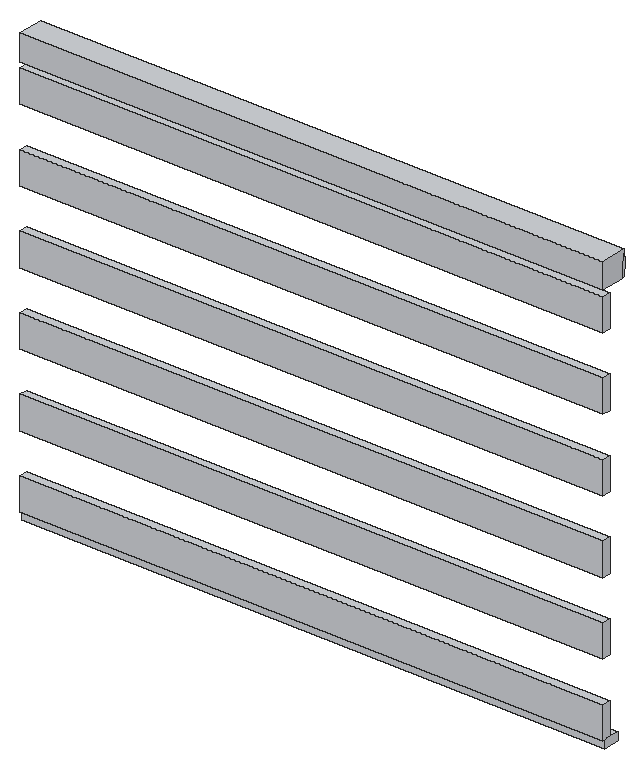
Revit family "Covrit Panel", category Curtain Panels, Revit 2017
Family settings
  OmniClass Number = 23.25.20.14.11.11.17
  OmniClass Title = Infill Panels
  Always vertical = Yes
  Cut with Voids When Loaded = No
  Shared = No
Parameters (values of type "4" Slat Wall")
  With Brick = no
  Width [instance] = 15' - 4"
  Version = "191001"  # constant formula
  URL = "www.cityscapesinc.com"
  Type Comments = "Enclosure Panels with Top & Bottom Rails"
  Top Rail Thickness = Panel Thickness  # 0' - 2 5/8"
  Top Rail Height = 0' - 2"
  Thickness = 0' - 2 5/8"
  Slats = or([6" Slat Wall], [4" Slat Wall])  # yes
  Slat Spacing = 0' - 3"
  Slat Size = if([4" Slat Wall], 0' 4", 0' 6")  # 0' - 4"
  6" Slat Wall = no
  Slat Panel Qty [instance] = (Panel Height - 0' 6 1/4") / (Slat Size + Slat Spacing)  # 6
  Roman Ogee Rail = not(or(Plankwall Rail, Boxed Top Rail))  # no
  Rail Finish = none
  Plankwall PVC Thickness = 0' - 1"  # constant formula
  Plankwall PVC Max Width = 6' - 6"  # constant formula
  Plankwall PVC Max Height = 12' - 0"  # constant formula
  Plankwall PVC = no
  Plankwall Rail = Plankwall PVC  # no
  Panel Width [instance] = if(Width > Max Width, Max Width, Width)  # 6' - 0"
  Panel Thickness = Thickness  # 0' - 2 5/8"
  Panel Size Limit [instance] = "60sf Limit on Each Panel"  # constant formula
  Panel Information [instance] = "Contact CityScapes for Custom Sizes"  # constant formula
  Panel Finish = none
  Panel Height [instance] = if(((Height - (Ground Offset + Bottom Rail Height + Top Rail Height)) * Panel Width) > 60.00 SF, (60.00 SF / Panel Width), (Height - (Ground Offset + Bottom Rail Height + Top Rail Height)))  # 4' - 3"
  NonMetal Series = not(or(Metal Series, [6" Slat Wall], [4" Slat Wall]))  # no
  Model = "covRit - Screening Systems"
  Metal Series Thickness = 0' - 2 5/8"  # constant formula
  Metal Series Max Width = 6' - 0"  # constant formula
  Metal Series Max Height = 14' - 0"  # constant formula
  Metal Series = not(or([4" Slat Wall], [6" Slat Wall], With Brick, Plankwall PVC, IPE, Acrylicap ABS))  # no
  Max Width = 6' - 0"
  Max Height = 14' - 0"
  Manufacturer = "CityScapes, Inc."  # constant formula
  Ipe Thickness = 0' - 2 1/4"  # constant formula
  Ipe Max Width = 6' - 6"  # constant formula
  Ipe Max Height = 10' - 0"  # constant formula
  IPE = no
  Height [instance] = 4' - 10"
  Ground Offset = 0' - 4"
  Error Text Visible [instance] = or(Error Message W, Error Message H)  # yes
  Error Message W [instance] = Panel Width < Width  # yes
  Error Message H [instance] = (Panel Height + Top Rail Height + Ground Offset) < (Height - Top Rail Height - Ground Offset)  # no
  Error Message [instance] = if(and(Error Message W, not(Error Message H)), "Max Post Spacing Exceeded Based on Max Size of Panel", if(and(Error Message H, not(Error Message W)), "Post Height Should be Reduced Based on Max Height of Panel", if(and(Error Message W, Error Message H), "Max Post Spacing Exceeded and Post Height can be Reduced based on Max Size of Panel", "Acceptable Design, Verify w/ CityScapes")))  # "Max Post Spacing Exceeded Based on Max Size of Panel"
  Description = "Complete Enclosure System Product"
  Corrugations [instance] = (Panel Height - 0' 6 1/4") / 0' 6 3/4"  # 7
  Corrugation Fill [instance] = if(((Panel Height - (0' 6 3/4" * Corrugations)) / 2) > 0' 0", ((Panel Height - (0' 6 3/4" * Corrugations)) / 2), 0' 0")  # 0' - 1 7/8"
  Corr Panel Array Spacing = 0' - 6 3/4"  # constant formula
  Cor Fill Panels [instance] = and(Corrugation Fill > 0' 0 1/32", Metal Series)  # no
  Cor Fill Panel Size [instance] = if(Corrugation Fill > 0' 0 1/32", Corrugation Fill, 0' 1")  # 0' - 1 7/8"
  Brick Panel Finish = none
  Brick Ledge Finish = none
  Boxed Top Rail = yes
  Bottom Rail Thickness = 0' - 2"
  Bottom Rail Height = 0' - 1"
  Author = "SHAPE Environments, LLC"  # constant formula
  Assembly Code = "G2040100"
  Analytic Construction = "<None>"
  Acrylicap ABS = no
  4" Slat Wall = yes
Types (7): name | With Brick | Top Rail Thickness | Top Rail Height | Thickness | Slats | Slat Spacing | Slat Size | 6" Slat Wall | Slat Panel Qty | Plankwall PVC | Plankwall Rail | Panel Width | Panel Thickness | Panel Finish | Panel Height | NonMetal Series | Metal Series | Max Width | Max Height | IPE | Corrugation Fill | Cor Fill Panels | Cor Fill Panel Size | Brick Panel Finish | Boxed Top Rail | Acrylicap ABS | 4" Slat Wall
  Metal Series | no | 0' - 2 5/8" | 0' - 2 1/8" | 0' - 2 5/8" | no | 0' - 4" | 0' - 6" | no | 4 | no | no | 6' - 0" | 0' - 2 5/8" | none | 4' - 2 7/8" | no | yes | 6' - 0" | 14' - 0" | no | 0' - 1 13/16" | yes | 0' - 1 13/16" | none | yes | no | no
  Plankwall PVC | yes | 0' - 1" | 0' - 2" | 0' - 1" | no | 0' - 4" | 0' - 6" | no | 4 | yes | yes | 5' - 6" | 0' - 1" | Covrit - Panel Batten | 4' - 3" | yes | no | 5' - 6" | 12' - 0" | no | 0' - 1 7/8" | no | 0' - 1 7/8" | Covrit - Brick | no | no | no
  Ipe | no | 0' - 2 1/4" | 0' - 2" | 0' - 2 1/4" | no | 0' - 4" | 0' - 6" | no | 4 | no | no | 6' - 3" | 0' - 2 1/4" | Covrit - IPE | 4' - 3" | yes | no | 6' - 3" | 9' - 6" | yes | 0' - 1 7/8" | no | 0' - 1 7/8" | none | yes | no | no
  Acrylicap ABS | no | 0' - 1 5/8" | 0' - 2" | 0' - 1 5/8" | no | 0' - 4" | 0' - 6" | no | 4 | no | no | 6' - 6" | 0' - 1 5/8" | Covrit - Panel Batten | 4' - 3" | yes | no | 6' - 6" | 8' - 0" | no | 0' - 1 7/8" | no | 0' - 1 7/8" | none | yes | yes | no
  Acrylicap ABS Clapboard | no | 0' - 1 5/8" | 0' - 2" | 0' - 1 5/8" | no | 0' - 4" | 0' - 6" | no | 4 | no | no | 6' - 6" | 0' - 1 5/8" | Covrit - Plank | 4' - 3" | yes | no | 6' - 6" | 8' - 0" | no | 0' - 1 7/8" | no | 0' - 1 7/8" | none | yes | yes | no
  6" Slat Wall | no | 0' - 2 5/8" | 0' - 2 1/8" | 0' - 2 5/8" | yes | 0' - 4" | 0' - 6" | yes | 4 | no | no | 6' - 0" | 0' - 2 5/8" | none | 4' - 2 7/8" | no | no | 6' - 0" | 14' - 0" | no | 0' - 1 13/16" | no | 0' - 1 13/16" | none | yes | no | no
  4" Slat Wall | no | 0' - 2 5/8" | 0' - 2" | 0' - 2 5/8" | yes | 0' - 3" | 0' - 4" | no | 6 | no | no | 6' - 0" | 0' - 2 5/8" | none | 4' - 3" | no | no | 6' - 0" | 14' - 0" | no | 0' - 1 7/8" | no | 0' - 1 7/8" | none | yes | no | yes
Reference planes (in)
  plane 1 "Front": y = 0
  plane 2: z = 0
  plane 3 "Center (Left/Right)": x = 0
  plane 4 "Left": x = -92
  plane 5 "Right": x = 92
  plane 6 "Top": z = 58
  plane 7 "Exterior Face": y = 1.3125
  plane 8 "Interior Face": y = -1.3125
  plane 9 "Panel Left": x = -36
  plane 10 "Panel Right": x = 36
  plane 11 "Bottom of Panel": z = 5
  plane 12 "Top of Panel": z = 56
  plane 13 "Top Rail Ext": y = 1.3125
  plane 14 "Top Rail Int": y = -1.3125
  plane 15 "Top of Top Rail": z = 58
  plane 16 "Bottom Rail Interior": y = -1
  plane 17 "Bottom Rail Exterior": y = 1
  plane 18 "Bottom of Bottom Rail": z = 4
  plane 19 "Corr Fill Top": z = 54.125
  plane 20 "Corr Fill Bottom": z = 6.875
  plane 21 "Fill Panel Size Top": z = 54.125
  plane 22 "Corr Fill Panel Size Bottom": z = 6.875
  plane 23 "Array Plane": z = 13.625
Forms (in)
  Extrusion 1, solid, material <- "Panel Finish", visible <- "NonMetal Series"
    sketch origin (0, 0, 0) x (1, 0, 0) y (0, 0, 1)
      loop
        line (36, 56) -> (-36, 56) -> (-36, 5) -> (36, 5) -> (36, 56)
    from -1.3125 to 1.3125
  Extrusion 2, solid, material <- "Rail Finish"
    sketch origin (-92, 0, 0) x (0, -1, 0) y (0, 0, 1)
      loop
        line (-1, 5) -> (-1, 4) -> (1, 4) -> (1, 5) -> (-1, 5)
    from -128 to -56
  Extrusion 3, solid, material <- "Brick Panel Finish", visible <- "With Brick"
    sketch origin (-92, 0, 0) x (0, -1, 0) y (0, 0, 1)
      loop
        line (-1.3125, 5) -> (-1.3125, 37) -> (-1.5625, 37) -> (-1.5625, 5) -> (-1.3125, 5)
    from -128 to -56
  Extrusion 4, solid, material <- "Brick Ledge Finish", visible <- "With Brick"
    sketch origin (-92, 3, 0) x (0, -1, 0) y (0, 0, 1)
      loop
        line (0.9375, 37) -> (1.6875, 37) -> (1.6875, 41) -> (0.9375, 41) -> (0.9375, 37)
    from -128 to -56
  Extrusion 5, solid, material <- "Panel Finish", visible <- "Cor Fill Panels"
    sketch origin (36, 0, 0) x (0, 1, 0) y (0, 0, 1)
      loop
        line (1.3125, 56) -> (-1.3125, 56) -> (-1.3125, 54.125) -> (1.3125, 54.125) -> (1.3125, 56)
    from 0 to -72
  Extrusion 6, solid, material <- "Panel Finish", visible <- "Cor Fill Panels"
    sketch origin (36, 0, 0) x (0, 1, 0) y (0, 0, 1)
      loop
        line (1.3125, 6.875) -> (-1.3125, 6.875) -> (-1.3125, 5) -> (1.3125, 5) -> (1.3125, 6.875)
    from 0 to -72
Text (in)
  text "Exterior" at (-54.29358, 31.38743, 0), in view "Ref. Level"
  text "Exterior" at (480, 41.53993, 89.60405), in view "Right"
  text "Exterior" at (-240, 70.31864, 105.78864), in view "Left"
Dimensions and locks (in)
  equal spacing: plane 4 "Left", plane 3 "Center (Left/Right)", plane 5 "Right"
  equal spacing: plane 7 "Exterior Face", plane 1 "Front", plane 8 "Interior Face"
  "Panel Thickness": plane 7 "Exterior Face" to plane 8 "Interior Face"
  "Width": plane 4 "Left" to plane 5 "Right"
  "Panel Width": plane 9 "Panel Left" to plane 10 "Panel Right"
  equal spacing: plane 9 "Panel Left", plane 3 "Center (Left/Right)", plane 10 "Panel Right"
  "Panel Height": plane 11 "Bottom of Panel" to plane 12 "Top of Panel"
  "Height": plane 2 to plane 6 "Top"
  equal spacing: plane 13 "Top Rail Ext", plane 1 "Front", plane 14 "Top Rail Int"
  plane 9 "Panel Left" to plane 10 "Panel Right" = 6' - 0"
  "Top Rail Height": plane 15 "Top of Top Rail" to plane 12 "Top of Panel"
  equal spacing: plane 17 "Bottom Rail Exterior", plane 1 "Front", plane 16 "Bottom Rail Interior"
  "Bottom Rail Thickness": plane 17 "Bottom Rail Exterior" to plane 16 "Bottom Rail Interior"
  "Bottom Rail Height": plane 11 "Bottom of Panel" to plane 18 "Bottom of Bottom Rail"
  "Ground Offset": plane 2 to plane 18 "Bottom of Bottom Rail"
  "Top Rail Thickness": plane 13 "Top Rail Ext" to plane 14 "Top Rail Int"
  "Corrugation Fill": plane 20 "Corr Fill Bottom" to plane 11 "Bottom of Panel"
  "Corrugation Fill": plane 12 "Top of Panel" to plane 19 "Corr Fill Top"
  "Cor Fill Panel Size": plane 12 "Top of Panel" to plane 21 "Fill Panel Size Top"
  "Cor Fill Panel Size": plane 22 "Corr Fill Panel Size Bottom" to plane 11 "Bottom of Panel"
  "Corr Panel Array Spacing": plane 23 "Array Plane" to plane 22 "Corr Fill Panel Size Bottom"
  equal spacing: group 1, group 2, group 3, group 4, group 5, group 6, group 7  (x3)
  equal spacing: group 8, group 10, group 11, group 12, group 13, group 9  (x2)
  equal spacing: group 9, group 13, group 12, group 11, group 10, group 8
  aligned and locked: level to plane 2
  aligned and locked: plane 10 "Panel Right" to Extrusion 1
  aligned and locked: Extrusion 1 to plane 11 "Bottom of Panel"
  aligned and locked: plane 9 "Panel Left" to Extrusion 1
  aligned and locked: plane 7 "Exterior Face" to Extrusion 1
  aligned and locked: Extrusion 1 to plane 8 "Interior Face"
  aligned and locked: plane 12 "Top of Panel" to Extrusion 1
  aligned and locked: Extrusion 2 sketch curve to plane 11 "Bottom of Panel"
  aligned and locked: Extrusion 2 sketch curve to plane 16 "Bottom Rail Interior"
  aligned and locked: plane 18 "Bottom of Bottom Rail" to Extrusion 2 sketch curve
  aligned and locked: plane 17 "Bottom Rail Exterior" to Extrusion 2 sketch curve
  aligned and locked: plane 10 "Panel Right" to Extrusion 2
  aligned and locked: plane 9 "Panel Left" to Extrusion 2
  aligned and locked: plane 10 "Panel Right" to Extrusion 3
  aligned and locked: plane 9 "Panel Left" to Extrusion 3
  aligned and locked: Extrusion 3 to plane 11 "Bottom of Panel"
  aligned and locked: Extrusion 3 to Extrusion 1
  aligned and locked: Extrusion 1 to Extrusion 3
  aligned and locked: plane 10 "Panel Right" to Extrusion 4
  aligned and locked: plane 9 "Panel Left" to Extrusion 4
  aligned and locked: plane 12 "Top of Panel" to Extrusion 5
  aligned and locked: Extrusion 6 to plane 11 "Bottom of Panel"
  aligned and locked: plane 9 "Panel Left" to Extrusion 5
  aligned and locked: plane 10 "Panel Right" to Extrusion 5
  aligned and locked: plane 9 "Panel Left" to Extrusion 6
  aligned and locked: Extrusion 5 to plane 21 "Fill Panel Size Top"
  aligned and locked: plane 22 "Corr Fill Panel Size Bottom" to Extrusion 6
  aligned and locked: plane 3 "Center (Left/Right)" to nested 1
  aligned and locked: nested 1 to plane 22 "Corr Fill Panel Size Bottom"
  aligned and locked: nested 2 to plane 15 "Top of Top Rail"
  aligned and locked: plane 3 "Center (Left/Right)" to nested 2
  aligned and locked: nested 2 to plane 7 "Exterior Face"
  aligned and locked: nested 3 to plane 23 "Array Plane"
  aligned and locked: nested 10 to plane 11 "Bottom of Panel"
  aligned and locked: nested 9 to plane 8 "Interior Face"
  aligned and locked: nested 10 to plane 8 "Interior Face"
  aligned and locked: plane 21 "Fill Panel Size Top" to nested 9
Automatic sketch dimensions
  Extrusion 1 sketch curve to plane 9 "Panel Left" = 0' - 0"
  Extrusion 1 sketch curve to plane 10 "Panel Right" = 0' - 0"
  Extrusion 1 sketch curve to plane 11 "Bottom of Panel" = 0' - 0"
  Extrusion 1 sketch curve to plane 12 "Top of Panel" = 0' - 0"
  Extrusion 3 sketch curve to plane 11 "Bottom of Panel" = 0' - 0"
  Extrusion 3 sketch curve to plane 7 "Exterior Face" = 0' - 0"
  plane 13 "Top Rail Ext" to Extrusion 3 sketch curve = 0' - 0 1/4"
  Extrusion 3 sketch curve to Extrusion 3 sketch curve = 2' - 8"
  Extrusion 4 sketch curve to plane 7 "Exterior Face" = 0' - 0"
  plane 13 "Top Rail Ext" to Extrusion 4 sketch curve = 0' - 0 3/4"
  plane 11 "Bottom of Panel" to Extrusion 4 sketch curve = 2' - 8"
  Extrusion 4 sketch curve to Extrusion 4 sketch curve = 0' - 4"
  Extrusion 5 sketch curve to plane 19 "Corr Fill Top" = 0' - 0"
  Extrusion 5 sketch curve to plane 12 "Top of Panel" = 0' - 0"
  plane 20 "Corr Fill Bottom" to Extrusion 6 sketch curve = 0' - 0"
  plane 11 "Bottom of Panel" to Extrusion 6 sketch curve = 0' - 0"
  Extrusion 5 sketch curve to plane 8 "Interior Face" = 0' - 0"
  Extrusion 5 sketch curve to plane 7 "Exterior Face" = 0' - 0"
  Extrusion 6 sketch curve to plane 8 "Interior Face" = 0' - 0"
  Extrusion 6 sketch curve to plane 7 "Exterior Face" = 0' - 0"
Nested families (in)
  nested 1: "Corr Slat" at (0, -1.3125, 6.875), Corr Slat Material <- "Panel Finish", Corr Slat Width <- "Panel Width", visible <- "Metal Series", type "CityScapes Corr Slat"
    with Width 0' - 6 3/4", Thickness 0' - 2 5/8", Slat corr size 0' - 0 31/32", Flat no, Distance for corr 0' - 1 1/2", Corrugated yes, Corr Slat Width 6' - 0", Corr Slat Material none
  nested 2: "Top Rail" at (0, 1.3125, 58), Panel Thickness <- "Thickness", type "CityScapes Top Rail"
    with Panel Thickness 0' - 2 5/8", Roman Ogee Rail no, Cove Top Rail yes, Boxed Top Rail yes
  nested 3: "Corr Slat" at (0, -1.3125, 13.625), Corr Slat Material <- "Panel Finish", Corr Slat Width <- "Panel Width", visible <- "Metal Series", type "CityScapes Corr Slat"
    with Width 0' - 6 3/4", Thickness 0' - 2 5/8", Slat corr size 0' - 0 31/32", Flat no, Distance for corr 0' - 1 1/2", Corrugated yes, Corr Slat Width 6' - 0", Corr Slat Material none
  nested 4: "Corr Slat" at (0, -1.3125, 20.375), Corr Slat Material <- "Panel Finish", Corr Slat Width <- "Panel Width", visible <- "Metal Series", type "CityScapes Corr Slat"
    with Width 0' - 6 3/4", Thickness 0' - 2 5/8", Slat corr size 0' - 0 31/32", Flat no, Distance for corr 0' - 1 1/2", Corrugated yes, Corr Slat Width 6' - 0", Corr Slat Material none
  nested 5: "Corr Slat" at (0, -1.3125, 27.125), Corr Slat Material <- "Panel Finish", Corr Slat Width <- "Panel Width", visible <- "Metal Series", type "CityScapes Corr Slat"
    with Width 0' - 6 3/4", Thickness 0' - 2 5/8", Slat corr size 0' - 0 31/32", Flat no, Distance for corr 0' - 1 1/2", Corrugated yes, Corr Slat Width 6' - 0", Corr Slat Material none
  nested 6: "Corr Slat" at (0, -1.3125, 33.875), Corr Slat Material <- "Panel Finish", Corr Slat Width <- "Panel Width", visible <- "Metal Series", type "CityScapes Corr Slat"
    with Width 0' - 6 3/4", Thickness 0' - 2 5/8", Slat corr size 0' - 0 31/32", Flat no, Distance for corr 0' - 1 1/2", Corrugated yes, Corr Slat Width 6' - 0", Corr Slat Material none
  nested 7: "Corr Slat" at (0, -1.3125, 40.625), Corr Slat Material <- "Panel Finish", Corr Slat Width <- "Panel Width", visible <- "Metal Series", type "CityScapes Corr Slat"
    with Width 0' - 6 3/4", Thickness 0' - 2 5/8", Slat corr size 0' - 0 31/32", Flat no, Distance for corr 0' - 1 1/2", Corrugated yes, Corr Slat Width 6' - 0", Corr Slat Material none
  nested 8: "Corr Slat" at (0, -1.3125, 47.375), Corr Slat Material <- "Panel Finish", Corr Slat Width <- "Panel Width", visible <- "Metal Series", type "CityScapes Corr Slat"
    with Width 0' - 6 3/4", Thickness 0' - 2 5/8", Slat corr size 0' - 0 31/32", Flat no, Distance for corr 0' - 1 1/2", Corrugated yes, Corr Slat Width 6' - 0", Corr Slat Material none
  nested 9: "Corr Slat" at (0, -1.3125, 50.125), Corr Slat Material <- "Panel Finish", Corr Slat Width <- "Panel Width", visible <- "Slats", type "CityScapes Corr Slat"
    with Width 0' - 4", Thickness 0' - 1", Slat corr size 0' - 0 1/2", Flat yes, Distance for corr 0' - 0", Corrugated no, Corr Slat Width 6' - 0", Corr Slat Material none
  nested 10: "Corr Slat" at (0, -1.3125, 5), Corr Slat Material <- "Panel Finish", Corr Slat Width <- "Panel Width", visible <- "Slats", type "CityScapes Corr Slat"
    with Width 0' - 4", Thickness 0' - 1", Slat corr size 0' - 0 1/2", Flat yes, Distance for corr 0' - 0", Corrugated no, Corr Slat Width 6' - 0", Corr Slat Material none
  nested 11: "Corr Slat" at (0, -1.3125, 41.1), Corr Slat Material <- "Panel Finish", Corr Slat Width <- "Panel Width", visible <- "Slats", type "CityScapes Corr Slat"
    with Width 0' - 4", Thickness 0' - 1", Slat corr size 0' - 0 1/2", Flat yes, Distance for corr 0' - 0", Corrugated no, Corr Slat Width 6' - 0", Corr Slat Material none
  nested 12: "Corr Slat" at (0, -1.3125, 32.075), Corr Slat Material <- "Panel Finish", Corr Slat Width <- "Panel Width", visible <- "Slats", type "CityScapes Corr Slat"
    with Width 0' - 4", Thickness 0' - 1", Slat corr size 0' - 0 1/2", Flat yes, Distance for corr 0' - 0", Corrugated no, Corr Slat Width 6' - 0", Corr Slat Material none
  nested 13: "Corr Slat" at (0, -1.3125, 23.05), Corr Slat Material <- "Panel Finish", Corr Slat Width <- "Panel Width", visible <- "Slats", type "CityScapes Corr Slat"
    with Width 0' - 4", Thickness 0' - 1", Slat corr size 0' - 0 1/2", Flat yes, Distance for corr 0' - 0", Corrugated no, Corr Slat Width 6' - 0", Corr Slat Material none
  nested 14: "Corr Slat" at (0, -1.3125, 14.025), Corr Slat Material <- "Panel Finish", Corr Slat Width <- "Panel Width", visible <- "Slats", type "CityScapes Corr Slat"
    with Width 0' - 4", Thickness 0' - 1", Slat corr size 0' - 0 1/2", Flat yes, Distance for corr 0' - 0", Corrugated no, Corr Slat Width 6' - 0", Corr Slat Material none
Definition of nested family "Corr Slat"
  Parameters (values of type "CityScapes Corr Slat")
    Width [instance] = if(Corrugated, 0' 6 3/4", if([4"], 0' 4", 0' 6"))  # 0' - 4"
    Thickness [instance] = if(Corrugated, 0' 2 5/8", 0' 1")  # 0' - 1"
    Slat corr size [instance] = if(Corrugated, 0' 0 31/32", 0' 0 1/2")  # 0' - 0 1/2"
    Flat [instance] = yes
    Distance for corr [instance] = if(Corrugated, 0' 1 1/2", 0' 0")  # 0' - 0"
    Corrugated [instance] = not(Flat)  # no
    Corr Slat Width [instance] = 3' - 8"
    Corr Slat Material [instance] = none
    4" = yes
  Reference planes (in)
    plane 1 "Center (Front/Back)": y = 0
    plane 2: z = 0
    plane 3 "Center (Left/Right)": x = 0
    plane 4 "Slat Left": x = -22
    plane 5 "Slat Right": x = 22
    plane 6: y = 1
    plane 7: z = 0.5
    plane 8: z = 1.9375
    plane 9: z = 2.0625
    plane 10: z = 3.5
    plane 11: y = 1
    plane 12: z = 4
  Forms (in)
    Extrusion 1, solid, material <- "Corr Slat Material"
      sketch origin (0, 0, 0) x (0, 1, 0) y (0, 0, 1)
        loop
          line (0, 0) -> (1, 0) -> (1, 0.5) -> (1, 1.9375) -> (1, 2.0625) -> (1, 3.5) -> (1, 4) -> (0, 4) -> (0, 0)
      from -22 to 22
  Dimensions and locks (in)
    equal spacing: plane 5 "Slat Right", plane 3 "Center (Left/Right)", plane 4 "Slat Left"
    "Corr Slat Width": plane 5 "Slat Right" to plane 4 "Slat Left"
    "Slat corr size": plane 7 to level
    "Slat corr size": plane 12 to plane 10
    "Width": plane 12 to level
    "Distance for corr": plane 6 to plane 11
    locked: plane 8 to plane 7 at 1.4375
    locked: plane 10 to plane 9 at 1.4375
    "Thickness": plane 1 "Center (Front/Back)" to plane 11
    aligned and locked: plane 2 to level
    aligned and locked: plane 5 "Slat Right" to Extrusion 1
    aligned and locked: Extrusion 1 to plane 4 "Slat Left"
    aligned and locked: plane 6 to Extrusion 1 sketch curve
    aligned and locked: plane 12 to Extrusion 1 sketch curve
    aligned and locked: plane 10 to Extrusion 1 sketch curve
    aligned and locked: plane 7 to Extrusion 1 sketch curve
    aligned and locked: plane 11 to Extrusion 1 sketch curve  (x2)
  Automatic sketch dimensions
    Extrusion 1 sketch curve to level = 0' - 0"
    Extrusion 1 sketch curve to plane 1 "Center (Front/Back)" = 0' - 0"
    Extrusion 1 sketch curve to Extrusion 1 sketch curve = 0' - 1 7/16"  (x2)
Definition of nested family "Top Rail"
  Parameters
    Top Rail Length = 6' - 0"
    Roman Ogee Rail = yes
    Rail Material = none
    Plankwall Rail = no
    Panel Thickness [instance] = 0' - 4"
    Cove Top Rail = no
    Boxed Top Rail = no
  Reference planes (in)
    plane 1 "Center (Front/Back)": y = 0
    plane 2: z = 0
    plane 3 "Center (Left/Right)": x = 0
    plane 4: x = 36
    plane 5: x = -36
    plane 6 "Panel Rear": y = -4
  Forms (in)
    Extrusion 1, solid, material <- "Rail Material", visible <- "Plankwall Rail"
      sketch origin (-36, -5.5, -58) x (0, -1, 0) y (0, 0, 1)
        loop
          line (-5.75, 58) -> (-5.75, 54.875) -> (-4.25, 54.875) -> (-4.25, 58) -> (-5.75, 58)
      from -72 to 0
    Extrusion 2, solid, material <- "Rail Material", visible <- "Boxed Top Rail"
      sketch origin (36, -0.40625, -58) x (0, 1, 0) y (0, 0, 1)
        loop
          arc (1, 54.875) -> (1.0989, 56.4375) -> (1, 58) r 12.39232
          line (1, 58) -> (-3.59375, 58) -> (-3.59375, 54.875) -> (1, 54.875)
      from -72 to 0
    Extrusion 3, solid, material <- "Rail Material", visible <- "Cove Top Rail"
      sketch origin (-36, -5.40625, -58) x (0, -1, 0) y (0, 0, 1)
        loop
          line (-6, 58) -> (-6, 57.875)
          arc (-6, 57.875) -> (-5.72584, 56.38583) -> (-5.625, 54.875) r 13.1266
          line (-5.625, 54.875) -> (-1.40625, 54.875) -> (-1.40625, 58) -> (-6, 58)
      from -72 to 0
    Extrusion 4, solid, material <- "Rail Material", visible <- "Roman Ogee Rail"
      sketch origin (-36, -5.40625, -58) x (0, -1, 0) y (0, 0, 1)
        loop
          line (-6, 58) -> (-6, 57.72863)
          arc (-6, 57.72863) -> (-5.81186, 57.0262) -> (-5.74792, 56.30182) r 4.19303
          arc (-5.74792, 56.30182) -> (-5.68397, 55.57744) -> (-5.49583, 54.875) r 4.19303
          line (-5.49583, 54.875) -> (-1.40625, 54.875) -> (-1.40625, 58) -> (-6, 58)
      from -72 to 0
  Dimensions and locks (in)
    "Top Rail Length": plane 5 to plane 4
    equal spacing: plane 5, plane 3 "Center (Left/Right)", plane 4
    "Panel Thickness": plane 1 "Center (Front/Back)" to plane 6 "Panel Rear"
    aligned and locked: plane 2 to level
    aligned and locked: plane 5 to Extrusion 4
    aligned and locked: plane 5 to Extrusion 3
    aligned and locked: plane 5 to Extrusion 2
    aligned and locked: plane 5 to Extrusion 1
    aligned and locked: Extrusion 4 to plane 4
    aligned and locked: Extrusion 3 to plane 4
    aligned and locked: Extrusion 2 to plane 4
    aligned and locked: Extrusion 1 to plane 4
    aligned and locked: Extrusion 4 to plane 6 "Panel Rear"
    aligned and locked: Extrusion 3 to plane 6 "Panel Rear"
    aligned and locked: Extrusion 2 to plane 6 "Panel Rear"
  Automatic sketch dimensions
    Extrusion 1 sketch curve to level = 0' - 0"
    Extrusion 1 sketch curve to plane 1 "Center (Front/Back)" = 0' - 0 1/4"
    plane 1 "Center (Front/Back)" to Extrusion 1 sketch curve = 0' - 1 1/4"
    Extrusion 1 sketch curve to Extrusion 1 sketch curve = 0' - 3 1/8"
    Extrusion 2 sketch curve to level = 0' - 0"
    Extrusion 2 sketch curve to level = 0' - 1 9/16"
    plane 1 "Center (Front/Back)" to Extrusion 2 sketch curve = 0' - 11.69967"
    plane 1 "Center (Front/Back)" to Extrusion 2 sketch curve = 0' - 4"
    Extrusion 2 sketch curve to plane 1 "Center (Front/Back)" = 0' - 0 19/32"  (x2)
    Extrusion 3 sketch curve to level = 0' - 0"
    Extrusion 3 sketch curve to level = 0' - 3.24232"
    Extrusion 3 sketch curve to plane 1 "Center (Front/Back)" = 1' - 1.34482"
    Extrusion 3 sketch curve to plane 1 "Center (Front/Back)" = 0' - 0 19/32"
    Extrusion 3 sketch curve to plane 1 "Center (Front/Back)" = 0' - 0 7/32"
    plane 1 "Center (Front/Back)" to Extrusion 3 sketch curve = 0' - 4"
    Extrusion 3 sketch curve to level = 0' - 3 1/8"
    Extrusion 4 sketch curve to level = 0' - 0"
    Extrusion 4 sketch curve to plane 6 "Panel Rear" = 0' - 0"
    plane 6 "Panel Rear" to Extrusion 4 sketch curve = 0' - 0.14864"
    Extrusion 4 sketch curve to plane 1 "Center (Front/Back)" = 0' - 0.08958"
    Extrusion 4 sketch curve to plane 1 "Center (Front/Back)" = 0' - 0 19/32"
    Extrusion 4 sketch curve to level = 0' - 1.70331"
    Extrusion 4 sketch curve to Extrusion 4 sketch curve = 0' - 1.43195"
    Extrusion 4 sketch curve to Extrusion 4 sketch curve = 0' - 0"
    Extrusion 4 sketch curve to Extrusion 4 sketch curve = 0' - 0.27137"
    Extrusion 4 sketch curve to plane 1 "Center (Front/Back)" = 0' - 0.34167"
